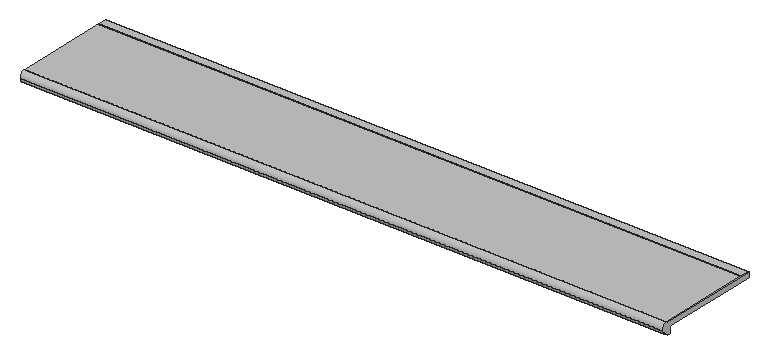
Revit family "Stair_Tread-Wooster-Cast_Nosings_Thresholds-102", category Specialty Equipment, host Face, Revit 2017
Family settings
  Host = Face
  Round Connector Dimension = Use Diameter
  Part Type = Normal
  OmniClass Number = 23.30.70.21.11.11.11
  OmniClass Title = Stair Nosings
  Cut with Voids When Loaded = No
  Shared = No
  Room Calculation Point = No
Parameters (values of type "102-6")
  Width = 0' - 6"
  Version = "2017 - v2.0a"  # constant formula
  URL = "http://www.wooster-products.com/"
  Support Phone = "(224) 699-9545"  # constant formula
  Support Email = "mailto:support@anguleris.com"
  Safety Tread [instance] = Filler - Wooster - Grey - Cast Tread
  Product Page URL = "http://www.woosterproducts.com/products/alumogrit-ferrogrit/cast-nosings/"
  Product Name = "Abrasive Cast Nosings"  # constant formula
  Product Documentation Link = "http://www.woosterproducts.com/spec/102.pdf"
  Model = "102-6"
  Material = ""
  Manufacturer Phone Number = "1-800-321-4936 or 330-264-2844"  # constant formula
  Manufacturer Fax Number = "330-262-4151"  # constant formula
  Manufacturer Email = "mailto:tim@wooster-products.com"
  Manufacturer Address = "1000 Spruce Street, P.O. BOX 6005, Wooster, OH. 44691"  # constant formula
  Manufacturer = "Wooster Productions Inc"  # constant formula
  Length Constraint [instance] = if(Length > 8' 6", 8' 6", Length)  # 3' - 0"
  Length [instance] = 3' - 0"
  Feature Strip = if(Width < 0' 5", 0' 0 1/2", if(Width = 0' 6", 0' 1", 0' 0 1/2"))  # 0' - 1"
  Description = "Anti-Slip Stair Nosing"  # constant formula
  Depth = 0' - 0 5/16"  # constant formula
  Default Elevation = 0' - 0"  # constant formula
  Copyright = "Wooster Products Inc. 2019"  # constant formula
  Construction Type = "New Construction"  # constant formula
Types (4): name | Width | Model | Feature Strip
  (no name) | 0' - 3" | "102-3" | 0' - 0 1/2"
  102-3 | 0' - 3" | "102-3" | 0' - 0 1/2"
  102-4 | 0' - 4" | "102-4" | 0' - 0 1/2"
  102-6 | 0' - 6" | "102-6" | 0' - 1"
Values of the unnamed type that differ from the named types
  Support Email = ""
  Product Page URL = "http://www.wooster-products.com/Cast_Nosings_Thresholds.html"
  Product Documentation Link = "http://wooster-products.com/pub/Specs/102.pdf"
  Manufacturer Email = ""
Reference planes (in)
  plane 1 "Center (Front/Back)": y = 0
  plane 2: z = 0
  plane 3 "Center (Left/Right)": x = 0
  plane 4 "Left": x = -18
  plane 5 "Right": x = 18
  plane 6 "Back": y = 3
  plane 7 "Front": y = -3
  plane 8 "Bottom": z = -0.29687
  plane 9: y = 2.5
  plane 10: z = -0.04688
  plane 11: z = 0.01563
Forms (in)
  Extrusion 1, solid, material "Filler - Wooster - Concrete"
    sketch origin (0, 0, 0) x (0, 1, 0) y (0, 0, 1)
      loop
        line (3, -0.04688) -> (-2.6875, -0.04688) -> (-2.6875, 0.01563)
        arc (-2.6875, 0.01563) -> (-2.90844, -0.07587) -> (-3, -0.29678) r 0.3125
        arc (-3, -0.29678) -> (-2.95382, -0.44163) -> (-2.83226, -0.53294) r 0.25
        arc (-2.83226, -0.53294) -> (-2.73803, -0.58429) -> (-2.66534, -0.66323) r 0.32909
        line (-2.66534, -0.66323) -> (-2.50621, -0.66323) -> (-2.50621, -0.37275)
        arc (-2.50621, -0.37275) -> (-2.45442, -0.31733) -> (-2.38138, -0.29687) r 0.14062
        line (-2.38138, -0.29687) -> (3, -0.29687) -> (3, -0.04688)
    from -18 to 18
  Extrusion 2, solid, material "Filler - Wooster - Concrete"
    sketch origin (0, 0, 0) x (0, 1, 0) y (0, 0, 1)
      loop
        line (3, 0.01563) -> (2.5, 0.01563) -> (2.5, -0.04688) -> (3, -0.04688) -> (3, 0.01563)
    from -18 to 18
  Extrusion 3, solid, material "Filler - Wooster - Grey - Cast Tread" <- "Safety Tread"
    sketch origin (0, 0, 0) x (0, 1, 0) y (0, 0, 1)
      loop
        line (2.5, 0.01563) -> (-2.6875, 0.01563) -> (-2.6875, -0.04688) -> (2.5, -0.04688) -> (2.5, 0.01563)
    from -18 to 18
  Extrusion 4, void
    sketch origin (0, 0, 0) x (0, 1, 0) y (0, 0, 1)
      loop
        line (3, -0.04688) -> (-2.6875, -0.04688) -> (-2.6875, 0.01563) -> (-3, 0.01563) -> (-3, -0.66323) -> (-2.50621, -0.66323) -> (-2.50621, -0.37275)
        arc (-2.50621, -0.37275) -> (-2.45442, -0.31733) -> (-2.38138, -0.29687) r 0.14062
        line (-2.38138, -0.29687) -> (3, -0.29687) -> (3, -0.04688)
    from -18 to 18
Lines and regions (in)
  Masking region 1
    outline origin (0, 0, 0) x (1, 0, 0) y (0, 1, 0)
      loop
        line (-18, 3) -> (-18, -3) -> (18, -3) -> (18, 3) -> (-18, 3)
Dimensions and locks (in)
  equal spacing: plane 4 "Left", plane 3 "Center (Left/Right)", plane 5 "Right"
  "Length": plane 4 "Left" to plane 5 "Right"
  equal spacing: plane 7 "Front", plane 1 "Center (Front/Back)", plane 6 "Back"
  "Width": plane 7 "Front" to plane 6 "Back"
  locked: plane 6 "Back" to plane 9 at 0.5
  locked: Extrusion 3 sketch curve to plane 7 "Front" at 0.3125
  locked: plane 11 to plane 10 at 0.0625
  "Depth": plane 11 to plane 8 "Bottom"
  Extrusion 1 sketch curve to Extrusion 1 sketch curve to Extrusion 1 sketch curve to Extrusion 1 sketch curve to Extrusion 1 sketch curve to Extrusion 1 sketch curve to plane 7 "Front" = 0' - 0.12483" locked, 0' - 0.18129" locked, 0' - 0" locked, 0' - 0 1/16" locked, 0' - 0.19054" locked, 0' - 0.05946" locked
  plane 11 to Extrusion 1 sketch curve to Extrusion 1 sketch curve to Extrusion 1 sketch curve to Extrusion 1 sketch curve to Extrusion 1 sketch curve = 0' - 0 5/16" locked, 0' - 0" locked, 0' - 0 9/64" locked, 0' - 0.22573" locked, 0' - 0.18047" locked
  plane 11 to Extrusion 4 sketch curve to Extrusion 4 sketch curve = 0' - 0 29/64" locked, 0' - 0.22573" locked
  Extrusion 4 sketch curve to Extrusion 4 sketch curve to Extrusion 4 sketch curve to plane 7 "Front" = 0' - 0.12483" locked, 0' - 0.18129" locked, 0' - 0 5/16" locked
  aligned and locked: plane 2 to host face
  aligned and locked: level to host face
  aligned and locked: Extrusion 1 sketch curve to plane 8 "Bottom"
  aligned and locked: Extrusion 1 to plane 4 "Left"
  aligned and locked: Extrusion 1 to plane 5 "Right"
  aligned and locked: plane 6 "Back" to Extrusion 1 sketch curve
  aligned and locked: plane 6 "Back" to Extrusion 2 sketch curve
  aligned and locked: Extrusion 2 sketch curve to plane 9
  aligned and locked: Extrusion 3 sketch curve to plane 9
  aligned and locked: Extrusion 2 to plane 4 "Left"
  aligned and locked: Extrusion 3 to plane 4 "Left"
  aligned and locked: Extrusion 2 to plane 5 "Right"
  aligned and locked: Extrusion 3 to plane 5 "Right"
  aligned and locked: Masking region 1 sketch curve to plane 6 "Back"
  aligned and locked: plane 4 "Left" to Masking region 1 sketch curve
  aligned and locked: Masking region 1 sketch curve to plane 7 "Front"
  aligned and locked: plane 5 "Right" to Masking region 1 sketch curve
  aligned and locked: Extrusion 3 sketch curve to plane 10
  aligned and locked: plane 10 to Extrusion 2 sketch curve
  aligned and locked: Extrusion 1 sketch curve to plane 10
  aligned and locked: Extrusion 2 sketch curve to plane 11
  aligned and locked: Extrusion 3 sketch curve to plane 11
  aligned and locked: Extrusion 4 sketch curve to plane 11
  aligned and locked: Extrusion 4 sketch curve to plane 7 "Front"
Automatic sketch dimensions
  host sketch curve to host sketch curve = 8' - 0"
  host sketch curve to host sketch curve = 4' - 0"
  Extrusion 1 sketch curve to plane 11 = 0' - 0"
  Extrusion 1 sketch curve to Extrusion 1 sketch curve = 0' - 0"  (x2)
  Extrusion 4 sketch curve to plane 10 = 0' - 0"
  Extrusion 4 sketch curve to plane 8 "Bottom" = 0' - 0"
  Extrusion 4 sketch curve to plane 6 "Back" = 0' - 0"
